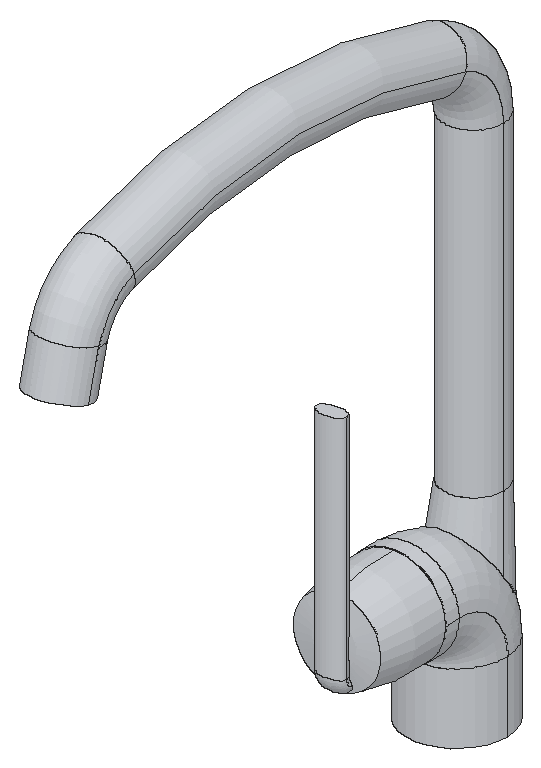
Revit family
Parameters
  Material = none
  Manufacturer = "Revit"
  Description = "Kitchen Tap"
Reference planes
  plane 1 "Center (Front/Back)": y = 0
  plane 2: z = 0
  plane 3 "Center (Left/Right)": x = 0
  plane 4: z = 44.427
Forms (mm)
  Sweep 1, solid, material <- "Material"
    path origin (0, 0, 0) x (0, 1, 0) y (0, 0, 1)
      loop
        line (-0.001, 99.935) -> (-0.001, 261.452)
        arc (-0.001, 261.452) -> (-6.471, 281.687) -> (-23.482, 294.414) r 34.876
        arc (-23.482, 294.414) -> (-125.186, 311.497) -> (-226.889, 294.414) r 311.288
        arc (-226.889, 294.414) -> (-240.306, 285.917) -> (-248.511, 272.32) r 34.58
        line (-248.511, 272.32) -> (-254.242, 249.434)
    profile origin (0, 0, 180.694) x (0, -1, 0) y (1, 0, 0)
      loop
        circle (0.001, 0) r 15
  Sweep 2, solid, material <- "Material"
    path origin (0, 0, 0) x (0, 1, 0) y (0, 0, 1)
      loop
        line (-10.357, 0) -> (-10.357, 35)
        arc (-10.357, 35) -> (-19.144, 56.213) -> (-40.357, 65) r 30
        line (-40.357, 65) -> (-48.32, 65)
    profile origin (0, 0, 17.5) x (0, -1, 0) y (1, 0, 0)
      loop
        circle (10.357, 0) r 25
  Blend 3, solid, material <- "Material"
    base sketch origin (0, 0, 44.427) x (0, 1, 0) y (-1, 0, 0)
      loop
        circle (-6.035, 0) r 20
    top sketch origin (0, 0, 44.427) x (0, 1, 0) y (-1, 0, 0)
      loop
        circle (0, 0) r 15
    from 0 to 55.508
  Revolve 4, solid, material <- "Material"
    sketch origin (0, 0, 0) x (0, 1, 0) y (0, 0, 1)
      loop
        line (-48.32, 40.182) -> (-48.32, 65) -> (-85.581, 65)
        arc (-85.581, 65) -> (-85.076, 54.176) -> (-83.32, 43.484) r 93.251
        arc (-83.32, 43.484) -> (-65.945, 40.509) -> (-48.32, 40.182) r 116.845
      axis (-48.32, 65) -> (-85.581, 65)
    angle from 0 to 360
  Sweep 5, solid, material <- "Material"
    path origin (0, 0, 0) x (0, 1, 0) y (0, 0, 1)
      loop
        line (-72.796, 47.517) -> (-81.856, 47.517)
        arc (-81.856, 47.517) -> (-85.391, 48.981) -> (-86.856, 52.517) r 5
        line (-86.856, 52.517) -> (-86.856, 167.614)
    profile origin (0, -77.326, 0) x (0, 0, -1) y (1, 0, 0)
      loop
        spline (-47.517, -7.455) -> (-46.427, -7.201) -> (-45.411, -6.456) -> (-44.539, -5.271) -> (-43.87, -3.727) -> (-43.449, -1.929) -> (-43.306, 0) -> (-43.449, 1.929) -> (-43.87, 3.727) -> (-44.539, 5.271) -> (-45.411, 6.456) -> (-46.427, 7.201) -> (-47.517, 7.455)
        spline (-47.517, 7.455) -> (-48.607, 7.201) -> (-49.622, 6.456) -> (-50.494, 5.271) -> (-51.163, 3.727) -> (-51.584, 1.929) -> (-51.727, 0) -> (-51.584, -1.929) -> (-51.163, -3.727) -> (-50.494, -5.271) -> (-49.622, -6.456) -> (-48.607, -7.201) -> (-47.517, -7.455)
